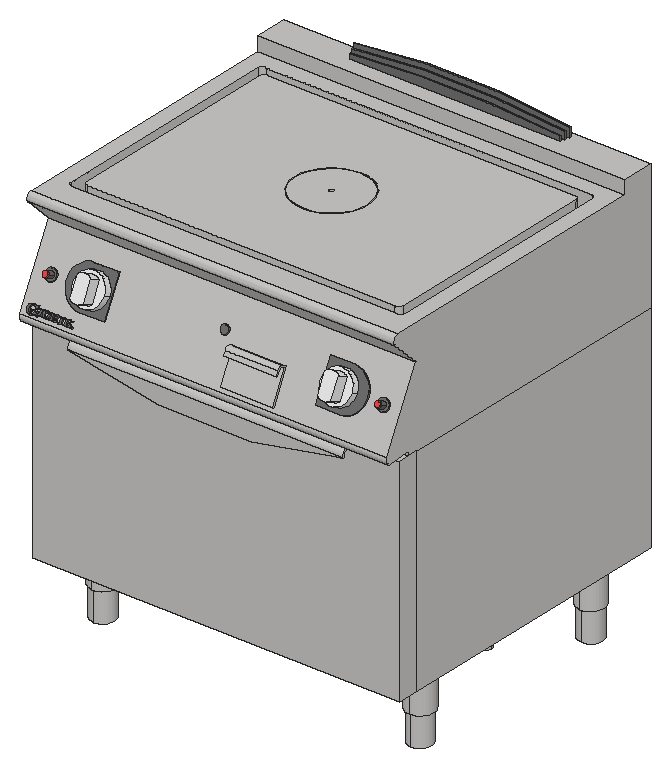
Revit family "QF_GIORIK_TG740F", category Specialty Equipment, Revit 2014
Parameters (values of type "TG740F")
  Weight in Pounds = 286.6006
  Waste Water Discharge Temperature [instance] = 0 °C
  URL Cutsheet = "www.giorik.com"
  URL = "www.giorik.com"
  Status [instance] = ""
  Specification by User [instance] = ""
  Specification by Manufacturer = ""
  Show Logo [instance] = yes
  Show Clearance [instance] = yes
  Serial Number = ""
  Seismic Rating = ""
  SMACNA No = ""
  Revision Code [instance] = ""
  Plumbing Remarks [instance] = ""
  Plumbing Connection Type [instance] = ""
  NAFEM Spec ID Number = ""
  Model = "TG740F"
  Mechanical Remarks [instance] = ""
  Mechanical Connection Type [instance] = "Natural Gas"
  Masterspec = ""
  Manufacturer = "GIORIK"
  Item Number [instance] = ""
  Installed By [instance] = ""
  Indirect Waste Size = 1"
  Indirect Waste Flow = 0.0 L/s
  Indirect Waste Connection Type [instance] = ""
  Indirect Waste Connection Height [instance] = 150 mm
  Identify Quantity as Lot [instance] = no
  Gas Size = 1"
  Gas RI Height [instance] = 0 mm
  Gas KW = 20
  Gas Input = 0 W
  Gas Connection Height [instance] = 150 mm
  Furnished By [instance] = ""
  Foodservice Equipment Identifier [instance] = yes
  Description = "GAS SOLID TOP HOB ON GAS OVEN"
  CSI MasterFormat = ""
  Assembly Code = "E1090320"
Reference planes
  plane 1 "Back": y = 0
  plane 2: z = 0
  plane 3 "Left": x = 0
  plane 4 "Right": x = 800
  plane 5 "Front": y = -720
  plane 6 "Top": z = 900
Forms (mm)
  Extrusion 1, solid, visible <- "Show Logo"
    sketch origin (-83.016, -736.761, 609.486) x (-1, 0, 0) y (0, 0.452718, 0.891654)
      loop
        line (-118.824, 58.358) -> (-127.804, 58.358) -> (-125.523, 56.445) -> (-125.523, 48.027) -> (-127.804, 46.113) -> (-118.824, 46.113) -> (-121.105, 48.027) -> (-121.105, 56.445) -> (-118.824, 58.358)
      loop
        line (-163.721, 58.358) -> (-172.7, 58.358) -> (-170.42, 56.445) -> (-170.42, 48.027) -> (-172.7, 46.113) -> (-163.721, 46.113) -> (-166.001, 48.027) -> (-166.001, 56.445) -> (-163.721, 58.358)
      loop
        line (-174.332, 58.358) -> (-183.312, 58.358) -> (-181.031, 56.445) -> (-181.031, 52.435) -> (-186.419, 56.955) -> (-184.416, 58.358) -> (-191.268, 58.358) -> (-188.01, 56.839) -> (-185.455, 54.283) -> (-190.846, 47.858) -> (-193.396, 46.93) -> (-193.396, 46.113) -> (-184.416, 46.113) -> (-185.437, 47.571) -> (-182.443, 51.552) -> (-181.031, 50.894) -> (-181.031, 48.027) -> (-183.312, 46.113) -> (-174.332, 46.113) -> (-176.613, 48.027) -> (-176.613, 56.445) -> (-174.332, 58.358)
      loop
        line (-115.429, 62.063) -> (-115.429, 54.198)
        arc (-115.429, 54.198) -> (-111.618, 57.803) -> (-106.847, 59.986) r 16.039
        arc (-106.847, 59.986) -> (-103.314, 59.837) -> (-100.512, 57.68) r 5.851
        arc (-100.512, 57.68) -> (-98.815, 52.267) -> (-100.512, 46.853) r 9.479
        arc (-100.512, 46.853) -> (-102.406, 44.986) -> (-104.846, 43.93) r 7.236
        arc (-104.846, 43.93) -> (-107.728, 44.111) -> (-110.052, 45.825) r 5.11
        line (-110.052, 45.825) -> (-110.052, 52.001) -> (-116.141, 52.001) -> (-116.141, 45.503) -> (-117.893, 43.751) -> (-114.094, 44.769)
        arc (-114.094, 44.769) -> (-112.56, 44.947) -> (-111.129, 44.366) r 3.115
        arc (-111.129, 44.366) -> (-104.216, 42.091) -> (-97.303, 44.366) r 11.641
        arc (-97.303, 44.366) -> (-93.396, 52.107) -> (-97.303, 59.849) r 9.622
        arc (-97.303, 59.849) -> (-104.369, 62.174) -> (-111.435, 59.849) r 11.898
        line (-111.435, 59.849) -> (-115.429, 62.063)
      loop
        arc (-129.234, 56.068) -> (-135.893, 58.628) -> (-142.552, 56.068) r 9.941
        arc (-142.552, 56.068) -> (-144.234, 52.286) -> (-142.552, 48.505) r 5.093
        arc (-142.552, 48.505) -> (-135.893, 45.945) -> (-129.234, 48.505) r 9.941
        arc (-129.234, 48.505) -> (-127.552, 52.286) -> (-129.234, 56.068) r 5.093
      loop
        arc (-132.628, 54.403) -> (-135.893, 57.668) -> (-139.158, 54.403) r 3.265
        line (-139.158, 54.403) -> (-139.158, 50.169)
        arc (-139.158, 50.169) -> (-135.893, 46.904) -> (-132.628, 50.169) r 3.265
        line (-132.628, 50.169) -> (-132.628, 54.403)
      loop
        arc (-156.363, 58.365) -> (-159.647, 55.081) -> (-156.363, 51.796) r 3.285
        line (-156.363, 51.796) -> (-159.529, 47.306) -> (-162.087, 46.113) -> (-155.847, 46.113) -> (-153.529, 51.083) -> (-150.637, 51.083) -> (-150.637, 47.784) -> (-153.022, 46.113) -> (-144.011, 46.113) -> (-146.094, 47.68) -> (-146.094, 56.493) -> (-144.229, 58.365) -> (-156.363, 58.365)
      loop
        line (-150.637, 57.512) -> (-153.637, 57.512)
        arc (-153.637, 57.512) -> (-156.237, 54.912) -> (-153.637, 52.312) r 2.6
        line (-153.637, 52.312) -> (-150.637, 52.312) -> (-150.637, 57.512)
      loop
        line (-108.924, 52.001) -> (-104.936, 49.005) -> (-100.948, 52.001) -> (-108.924, 52.001)
    from 1.5 to -0.5
  Extrusion 2, solid
    sketch origin (-16, 1025.81, 0) x (1, 0, 0) y (0, 1, 0)
      loop
        line (25, -1086.81) -> (25, -1156.81) -> (115, -1156.81) -> (115, -1086.81) -> (25, -1086.81)
    from 148 to 150
  Extrusion 3, solid
    sketch origin (-4, 0, 130) x (1, 0, 0) y (0, 1, 0)
      loop
        circle (54, -385) r 12.5
    from 0 to 20
  Extrusion 4, solid
    sketch origin (0, 1000, -20) x (0, 1, 0) y (0, 0, 1)
      loop
        line (-1000, 919.988) -> (-1070, 919.988) -> (-1070, 889.988) -> (-1688.806, 889.988)
        arc (-1688.806, 889.988) -> (-1699.151, 883.075) -> (-1696.724, 870.873) r 11.197
        line (-1696.724, 870.873) -> (-1640.876, 815.025) -> (-1718.948, 661.258)
        arc (-1718.948, 661.258) -> (-1718.233, 650.105) -> (-1708.118, 645.354) r 10.981
        line (-1708.118, 645.354) -> (-1660, 649.925) -> (-1660, 640) -> (-1000, 640) -> (-1000, 919.988)
    from 0 to 800
  Extrusion 5, solid
    sketch origin (0, 0, 599.536) x (1, 0, 0) y (0, 1, 0)
      loop
        line (0, -640) -> (40, -640) -> (40, -40) -> (760, -40) -> (760, -640) -> (800, -640) -> (800, 0) -> (0, 0) -> (0, -640)
    from -449.536 to 20.464
  Extrusion 6, solid
    sketch origin (0, 0, 0) x (1, 0, 0) y (0, 1, 0)
      loop
        line (40, -40) -> (40, -640) -> (760, -640) -> (760, -40) -> (40, -40)
    from 150 to 190
  Extrusion 7, solid
    sketch origin (-16, 560.81, 0) x (1, 0, 0) y (0, 1, 0)
      loop
        line (25, -1086.81) -> (25, -1156.81) -> (115, -1156.81) -> (115, -1086.81) -> (25, -1086.81)
    from 148 to 150
  Revolve 8, solid
    sketch origin (54, 560.81, 0) x (0, 1, 0) y (0, 0, 1)
      loop
        line (-1092.56, 66) -> (-1092.56, 148) -> (-1121.81, 148) -> (-1121.81, 0) -> (-1096.81, 0) -> (-1096.81, 66) -> (-1092.56, 66)
      axis (-1121.81, 0) -> (-1121.81, 148)
    angle from 0 to 360
  Revolve 9, solid
    sketch origin (54, 1025.81, 0) x (0, 1, 0) y (0, 0, 1)
      loop
        line (-1092.56, 66) -> (-1092.56, 148) -> (-1121.81, 148) -> (-1121.81, 0) -> (-1096.81, 0) -> (-1096.81, 66) -> (-1092.56, 66)
      axis (-1121.81, 0) -> (-1121.81, 148)
    angle from 0 to 360
  Extrusion 10, solid
    sketch origin (816, 560.81, 0) x (-1, 0, 0) y (0, -1, 0)
      loop
        line (25, 1086.81) -> (115, 1086.81) -> (115, 1156.81) -> (25, 1156.81) -> (25, 1086.81)
    from 148 to 150
  Revolve 11, solid
    sketch origin (746, 560.81, 0) x (0, 1, 0) y (0, 0, -1)
      loop
        line (-1092.56, -66) -> (-1096.81, -66) -> (-1096.81, 0) -> (-1121.81, 0) -> (-1121.81, -148) -> (-1092.56, -148) -> (-1092.56, -66)
      axis (-1121.81, 0) -> (-1121.81, -148)
    angle from 0 to 360
  Extrusion 12, void
    sketch origin (402.225, 0, 900) x (0, 1, 0) y (-1, 0, 0)
      loop
        line (-105.3, -352.774) -> (-105.3, 357.13)
        arc (-105.3, 357.13) -> (-108.229, 364.201) -> (-115.3, 367.13) r 10
        line (-115.3, 367.13) -> (-625.288, 367.13)
        arc (-625.288, 367.13) -> (-632.359, 364.201) -> (-635.288, 357.13) r 10
        line (-635.288, 357.13) -> (-635.288, -352.774)
        arc (-635.288, -352.774) -> (-632.359, -359.845) -> (-625.288, -362.774) r 10
        line (-625.288, -362.774) -> (-115.3, -362.774)
        arc (-115.3, -362.774) -> (-108.229, -359.845) -> (-105.3, -352.774) r 10
    from -30.012 to -70.012
  Extrusion 13, solid
    sketch origin (816, -1217.81, 0) x (-1, 0, 0) y (0, -1, 0)
      loop
        line (25, -1086.81) -> (25, -1156.81) -> (115, -1156.81) -> (115, -1086.81) -> (25, -1086.81)
    from 148 to 150
  Revolve 14, solid
    sketch origin (746, -1217.81, 0) x (0, -1, 0) y (0, 0, 1)
      loop
        line (-1092.56, 66) -> (-1092.56, 148) -> (-1121.81, 148) -> (-1121.81, 0) -> (-1096.81, 0) -> (-1096.81, 66) -> (-1092.56, 66)
      axis (-1121.81, 0) -> (-1121.81, 148)
    angle from 0 to 360
  Extrusion 15, solid
    sketch origin (-293.221, -963.345, 52.363) x (1, 0, 0) y (0, 0.452718, 0.891654)
      loop
        line (463.221, 676.25) -> (463.221, 766.25) -> (409.698, 766.25)
        arc (409.698, 766.25) -> (364.698, 721.25) -> (409.698, 676.25) r 45
        line (409.698, 676.25) -> (463.221, 676.25)
    from 48 to 50
  Extrusion 16, solid
    sketch origin (481.331, -1008.697, 74.959) x (-1, 0, 0) y (0, -0.45351, -0.891251)
      loop
        circle (351.331, -721.346) r 35
    from 0 to 15
  Extrusion 17, solid
    sketch origin (481.331, -1008.697, 74.959) x (-1, 0, 0) y (0, -0.45351, -0.891251)
      loop
        arc (336.331, -743.846) -> (351.331, -748.846) -> (366.331, -743.846) r 25
        line (366.331, -743.846) -> (366.331, -698.846)
        arc (366.331, -698.846) -> (351.331, -693.846) -> (336.331, -698.846) r 25
        line (336.331, -698.846) -> (336.331, -743.846)
    from 15 to 40
  Extrusion 18, solid
    sketch origin (76.202, -980.519, 69.147) x (-1, 0, 0) y (0, -0.452718, -0.891654)
      loop
        circle (38.702, -711.666) r 12.5
    from 25 to 27
  Extrusion 19, solid
    sketch origin (802.41, -1007.501, 75.644) x (-1, 0, 0) y (0, -0.452718, -0.891654)
      loop
        circle (764.91, -718.089) r 6
    from 0 to 15
  Extrusion 20, solid
    sketch origin (802.41, -1008.537, 76.17) x (-1, 0, 0) y (0, -0.452718, -0.891654)
      loop
        circle (764.91, -718.089) r 6
    from 13.838 to 15.838
  Extrusion 21, solid
    sketch origin (297.5, -1006.711, 164.16) x (0, 0.891654, -0.452718) y (0, 0.452718, 0.891654)
      loop
        line (40, 640.1) -> (30, 640.1)
        arc (30, 640.1) -> (22.929, 637.171) -> (20, 630.1) r 10
        line (20, 630.1) -> (20, 620.1) -> (22, 620.1) -> (22, 630.1)
        arc (22, 630.1) -> (24.343, 635.757) -> (30, 638.1) r 8
        line (30, 638.1) -> (38, 638.1) -> (38, 565.1) -> (40, 565.1) -> (40, 640.1)
    from 137.5 to 252.5
  Extrusion 22, solid
    sketch origin (447.657, -970.912, 88.265) x (-1, 0, 0) y (0, -0.452718, -0.891654)
      loop
        circle (38.657, -711.64) r 9
    from 25 to 27
  Extrusion 23, solid
    sketch origin (36.031, 0, -10.001) x (1, 0, 0) y (0, 0, 1)
      loop
        line (135, 909.989) -> (592.969, 909.989) -> (592.969, 919.989) -> (440.969, 929.989) -> (287, 929.989) -> (135, 919.989) -> (135, 909.989)
    from 32 to 35
  Extrusion 24, solid
    sketch origin (38, 10, -10.001) x (1, 0, 0) y (0, 0, 1)
      loop
        line (594, 909.989) -> (594, 924.989) -> (440, 937.489) -> (284, 937.489) -> (130, 925.001) -> (130, 909.989) -> (594, 909.989)
    from 32 to 35
  Extrusion 25, solid
    sketch origin (40, 20, -10.001) x (1, 0, 0) y (0, 0, 1)
      loop
        line (595, 909.989) -> (595, 930.001) -> (439, 945.258) -> (281, 945.258) -> (125, 929.989) -> (125, 909.989) -> (595, 909.989)
    from 32 to 35
  Extrusion 26, solid
    sketch origin (1093.221, -963.345, 52.363) x (-1, 0, 0) y (0, -0.452718, -0.891654)
      loop
        line (463.221, -676.25) -> (409.698, -676.25)
        arc (409.698, -676.25) -> (364.698, -721.25) -> (409.698, -766.25) r 45
        line (409.698, -766.25) -> (463.221, -766.25) -> (463.221, -676.25)
    from 48 to 50
  Extrusion 27, solid
    sketch origin (318.669, -1008.697, 74.959) x (1, 0, 0) y (0, 0.45351, 0.891251)
      loop
        circle (351.331, 721.346) r 35
    from 0 to 15
  Extrusion 28, solid
    sketch origin (318.669, -1008.697, 74.959) x (1, 0, 0) y (0, 0.45351, 0.891251)
      loop
        line (336.331, 743.846) -> (336.331, 698.846)
        arc (336.331, 698.846) -> (351.331, 693.846) -> (366.331, 698.846) r 25
        line (366.331, 698.846) -> (366.331, 743.846)
        arc (366.331, 743.846) -> (351.331, 748.846) -> (336.331, 743.846) r 25
    from 15 to 40
  Extrusion 29, solid
    sketch origin (723.798, -980.519, 69.147) x (1, 0, 0) y (0, 0.452718, 0.891654)
      loop
        circle (38.702, 711.666) r 12.5
    from 25 to 27
  Extrusion 30, solid
    sketch origin (-2.41, -1007.501, 75.644) x (1, 0, 0) y (0, 0.452718, 0.891654)
      loop
        circle (764.91, 718.089) r 6
    from 0 to 15
  Extrusion 31, solid
    sketch origin (-2.41, -1008.537, 76.17) x (1, 0, 0) y (0, 0.452718, 0.891654)
      loop
        circle (764.91, 718.089) r 6
    from 13.838 to 15.838
  Extrusion 32, solid
    sketch origin (0, -725, 0) x (1, 0, 0) y (0, 0, 1)
      loop
        line (0, 620) -> (0, 150) -> (800, 150) -> (800, 620) -> (0, 620)
    from -85 to -40
  Extrusion 33, solid
    sketch origin (2.5, -725, -20.1) x (0, 1, 0) y (0, 0, 1)
      loop
        arc (25, 640.1) -> (14.393, 635.707) -> (10, 625.1) r 15
        line (10, 625.1) -> (12, 625.1)
        arc (12, 625.1) -> (15.808, 634.292) -> (25, 638.1) r 13
        line (25, 638.1) -> (40, 638.1) -> (40, 640.1) -> (25, 640.1)
    from 97.5 to 697.5
  Extrusion 34, solid
    sketch origin (2.5, -724.905, -20.1) x (1, 0, 0) y (0, 0, 1)
      loop
        arc (97.5, 625.1) -> (397.5, 582.413) -> (697.5, 625.1) r 1075.531
        line (697.5, 625.1) -> (97.5, 625.1)
    from -11.905 to -9.905
  Extrusion 35, solid, visible <- "Show Clearance", detail levels coarse
    sketch origin (0, 0, 0) x (0, 1, 0) y (0, 0, 1)
      loop
        line (-685, 150) -> (-685, 620)
        arc (-685, 620) -> (-1017.34, 482.34) -> (-1155, 150) r 470
        line (-1155, 150) -> (-685, 150)
    from 0 to 800
  Extrusion 36, solid
    sketch origin (826, -30, 130) x (-1, 0, 0) y (0, -1, 0)
      loop
        circle (54, 385) r 12.4
    from 0 to 20
  Extrusion 37, solid
    sketch origin (-199.411, 0, 829.988) x (0, 1, 0) y (-1, 0, 0)
      loop
        line (-125.3, -934.41) -> (-125.3, -264.419)
        arc (-125.3, -264.419) -> (-128.229, -257.348) -> (-135.3, -254.419) r 10
        line (-135.3, -254.419) -> (-605.265, -254.419)
        arc (-605.265, -254.419) -> (-612.336, -257.348) -> (-615.265, -264.419) r 10
        line (-615.265, -264.419) -> (-615.265, -934.41)
        arc (-615.265, -934.41) -> (-612.336, -941.481) -> (-605.265, -944.41) r 10
        line (-605.265, -944.41) -> (-135.3, -944.41)
        arc (-135.3, -944.41) -> (-128.229, -941.481) -> (-125.3, -934.41) r 10
      loop
        circle (-370.282, -599.41) r 80
    from 0 to 40
  Extrusion 38, solid
    sketch origin (-199.411, 0, 829.988) x (0, 1, 0) y (-1, 0, 0)
      loop
        circle (-370.282, -599.41) r 78
      loop
        circle (-370.282, -599.41) r 5
    from 0 to 40
Cuts and joins
  Extrusion 12 cuts Extrusion 4
Lines and regions (mm)
  symbolic lines, style "200-EquipBorder-2D"
    curve 1: line (0, -720, 0) -> (800, -720, 0)
    curve 2: line (800, -720, 0) -> (800, 0, 0)
    curve 3: line (800, 0, 0) -> (0, 0, 0)
    curve 4: line (0, 0, 0) -> (0, -720, 0)
  symbolic lines, style "200-EquipInternal-2D"
    curve 5: line (0, -70, 900) -> (800, -70, 900)
    curve 6: line (165, -12, 900) -> (635, -12, 900)
    curve 7: line (635, -12, 900) -> (635, -15, 900)
    curve 8: line (635, -15, 900) -> (165, -15, 900)
    curve 9: line (165, -15, 900) -> (165, -12, 900)
    curve 10: line (168, -22, 900) -> (632, -22, 900)
    curve 11: line (632, -22, 900) -> (632, -25, 900)
    curve 12: line (632, -25, 900) -> (168, -25, 900)
    curve 13: line (168, -25, 900) -> (168, -22, 900)
    curve 14: line (171.031, -32, 900) -> (629, -32, 900)
    curve 15: line (629, -32, 900) -> (629, -35, 900)
    curve 16: line (629, -35, 900) -> (171.031, -35, 900)
    curve 17: line (171.031, -35, 900) -> (171.031, -32, 900)
    curve 21: circle (399.999, -370.282, 900) r 80 normal (0, 0, 1)
    curve 22: circle (399.999, -370.282, 900) r 78 normal (0, 0, 1)
    curve 23: circle (399.999, -370.282, 900) r 5 normal (0, 0, 1)
    curve 24: line (755, -105, 900) -> (45, -105, 900)
    curve 25: line (734.999, -125.3, 900) -> (65.008, -125.3, 900)
    curve 26: line (55.008, -135.3, 900) -> (55.008, -605.265, 900)
    curve 27: line (35, -115, 900) -> (35, -625.265, 900)
    curve 28: arc (65.008, -125.3, 900) -> (57.937, -128.229, 900) -> (55.008, -135.3, 900) r 10
    curve 29: arc (45, -105, 900) -> (37.929, -107.929, 900) -> (35, -115, 900) r 10
    curve 30: line (765, -625.265, 900) -> (765, -115, 900)
    curve 31: line (744.999, -605.265, 900) -> (744.999, -135.3, 900)
    curve 32: arc (755, -635.265, 900) -> (762.071, -632.336, 900) -> (765, -625.265, 900) r 10
    curve 33: arc (734.999, -615.265, 900) -> (742.07, -612.336, 900) -> (744.999, -605.265, 900) r 10
    curve 34: line (65.008, -615.265, 900) -> (734.999, -615.265, 900)
    curve 35: line (45, -635.265, 900) -> (755, -635.265, 900)
    curve 36: arc (55.008, -605.265, 900) -> (57.937, -612.336, 900) -> (65.008, -615.265, 900) r 10
    curve 37: arc (35, -625.265, 900) -> (37.929, -632.336, 900) -> (45, -635.265, 900) r 10
    curve 38: arc (744.999, -135.3, 900) -> (742.07, -128.229, 900) -> (734.999, -125.3, 900) r 10
    curve 39: arc (765, -115, 900) -> (762.071, -107.929, 900) -> (755, -105, 900) r 10
  symbolic lines, style "QF_Door-Drawer Clearances", visible <- "Show Clearance", detail levels coarse
    curve 18: line (0, -720, 0) -> (0, -1155, 0)
    curve 19: line (0, -1155, 900) -> (800, -1155, 900)
    curve 20: line (800, -1155, 900) -> (800, -720, 900)
Dimensions and locks
  plane 3 "Left" to plane 4 "Right" = 800 mm
  plane 5 "Front" to plane 1 "Back" = 720 mm
  plane 4 "Right" to plane 3 "Left" = 800 mm
  plane 1 "Back" to plane 5 "Front" = 720 mm
  plane 6 "Top" to level = 900 mm  (x2)
  aligned and locked: level to plane 2
Connectors
  piping at (50, -385, 130), diameter 25.4, driven by "Gas Size"
    settings: on Extrusion 3, index 1, connector inside diameter 24", connector length 0 mm, flow factor 0, pipe flow 0.0 L/s, pressure drop 0.0 Pa, fitting loss kfactor 0, connector angle 0.00°, fixture units 0, engagement length 0 mm, angle of deflection 0.00°, flow configuration 1, flow direction 1, fitting loss method 0, system type 22, joint type 0, gender type 0, connector reference index -1, connector utility 0, adjustable connector no, is connector primary yes, connector description "Gas inlet"
  piping at (772, -415, 130), diameter 25.4, driven by "Indirect Waste Size", driven by "Indirect Waste Flow"
    settings: on Extrusion 36, index 3, connector inside diameter 24", connector length 0 mm, flow factor 0, pipe flow 0.0 L/s, pressure drop 0.0 Pa, fitting loss kfactor 0, connector angle 0.00°, fixture units 0, engagement length 0 mm, angle of deflection 0.00°, flow configuration 1, flow direction 2, fitting loss method 0, system type 16, joint type 0, gender type 0, connector reference index -1, connector utility 0, adjustable connector no, is connector primary no, connector description "Drain connection"
